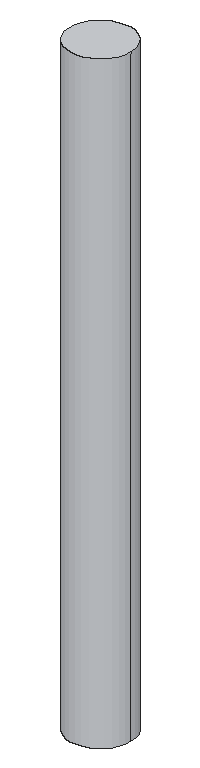
Revit family "Round", category 기둥, Revit 2026
Family settings
  로드될 때 보이드를 사용하여 절단 = 아니오
  자동으로 형상을 벽에 결합합니다 = 예
  공유 = 아니오
  평면도에서 미리 절단된 패밀리 표시 = 예
Parameters (values of type "300mm Diameter")
  키노트 = "G"
  Diameter = 300.00 mm
  Material = none
  Offset Base = 0.00 mm
  Offset Top = 0.00 mm
Types (4, lengths in mm): name | Diameter
  (no name) | 300.00
  150mm Diameter | 150.00
  300mm Diameter | 300.00
  600mm Diameter | 600.00
Reference planes
  plane 1: y = 0
  plane 2: z = 0
  plane 3: x = 0
  plane 4: x = -150
  plane 5: x = 150
  plane 6: y = 150
  plane 7: y = -150
  plane 8: z = 3000
  plane 9: z = 0
Forms (mm)
  Extrusion 1, solid, material <- "Material"
    sketch origin (0, 0, 0) x (1, 0, 0) y (0, 1, 0)
      loop
        arc (-150, 0) -> (0, -150) -> (150, 0) r 150
        arc (150, 0) -> (106.066, 106.066) -> (0, 150) r 150
        arc (0, 150) -> (-106.066, 106.066) -> (-150, 0) r 150
    from 0 to 3000
Dimensions and locks
  equal spacing: plane 4, plane 3, plane 5
  "Diameter": plane 4 to plane 5
  equal spacing: plane 6, plane 1, plane 7
  "Diameter": plane 7 to plane 6
  "Offset Base": plane 9 to level
  "Offset Top": level to plane 8
  aligned and locked: Extrusion 1 to plane 9
  aligned and locked: plane 8 to Extrusion 1
Automatic sketch dimensions
  Extrusion 1 sketch curve to plane 1 = 0.00 mm  (x2)
  Extrusion 1 sketch curve to plane 4 = 0.00 mm  (x2)
  Extrusion 1 sketch curve to plane 3 = 0.00 mm
